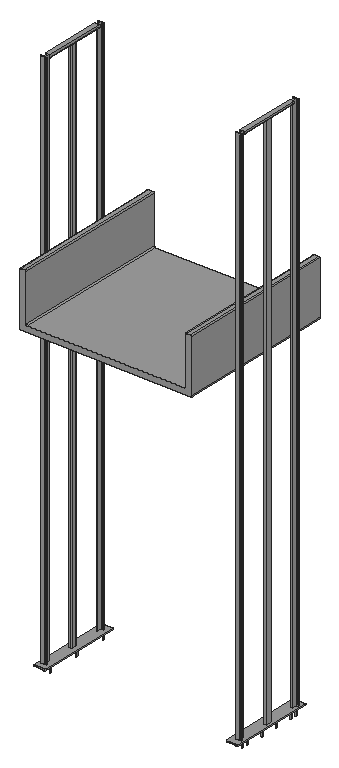
Revit family "1SE_Trez_TC_2C_2000_With_Pit", category Specialty Equipment, Revit 2019
Family settings
  Round Connector Dimension = Use Diameter
  Part Type = Normal
  Work Plane-Based = No
  Always vertical = Yes
  Cut with Voids When Loaded = Yes
  Shared = No
  Room Calculation Point = No
Parameters (values of type "Platform-2300x2300mm with Door Height 2500mm")
  Shaft = TREZ_Shaft_Space
  Safe Working Load = 2000.00 kg  # constant formula
  Safe Space = if(Cabin or Platform = Cabin, 900.0 mm, if(and(Cabin or Platform = Platform, Door Clear Height > 1900.0 mm), 600.0 mm, 0.0 mm))  # 600.0 mm
  Platform = Speciality_Equipment_Trez_Platform : Platform
  Door Clear Width = Clear Width  # 2300.0 mm
  Door Clear Height = 2500.0 mm
  Clear Width = 2300.0 mm
  URL = "https://trez.bg/en/products/goods-only-lift-tc/tc-2c-lift-2-cylinders/"
  Shaft Width = Real Width + 2 * Clearance  # 3040.0 mm
  Shaft Depth = Real Depth + 100.0 mm  # 2400.0 mm
  Tower Cladding Material = TREZ_Steel_Cladding
  Real Width = if(Clear Width < 1300.0 mm, 1300.0 mm, if(Clear Width > 2300.0 mm, 2300.0 mm, Clear Width))  # 2300.0 mm
  Real Depth = if(Clear Depth < 1300.0 mm, 1300.0 mm, if(Clear Depth > 22300.0 mm, 2300.0 mm, Clear Depth))  # 2300.0 mm
  Profiles Material = TREZ_Steel
  Platform Material = TREZ_Steel
  Pit Height = 250.0 mm  # constant formula
  Travel = 4500.0 mm
  Rail Height = Travel + Pit Height + Headroom  # 7850.0 mm
  Model = "TC 2C 2000"
  Manufacturer = "TREZ Ltd."
  Headroom = Door Clear Height + Safe Space  # 3100.0 mm
  Description = "Hydraulic goods only lift with two cylinders."  # constant formula
  Clear Depth = 2300.0 mm
  Created By URL = "https://all1studio.com/"
  Created By = "All 1 Studio Ltd."
  Clearance = 370.0 mm  # constant formula
  Cabin or Platform Back = no
  Cabin or Platform = Speciality_Equipment_Trez_Platform : Platform
  Cabin = Speciality_Equipment_Trez_Cabin : Cabin
Reference planes
  plane 1 "Center (Front/Back)": y = 0
  plane 2: z = 0
  plane 3 "Center (Left/Right)": x = 0
  plane 4: x = -1150
  plane 5: x = 1150
  plane 6: y = 1150
  plane 7: y = -1150
  plane 8: x = 1520
  plane 9: x = -1520
  plane 10: y = 1200
  plane 11: y = -1200
  plane 12: z = 4500
  plane 13 "Top of Lift": z = 7600
  plane 14 "Pit": z = -250
  plane 15: x = -1388.5
  plane 16: x = 1388.5
  plane 17: z = 7540
  plane 18: z = 40
  plane 19: z = -145
Forms (mm)
  Extrusion 1, void
    sketch origin (0, 0, 0) x (1, 0, 0) y (0, 1, 0)
      loop
        line (1520, 1200) -> (-1520, 1200) -> (-1520, -1200) -> (1520, -1200) -> (1520, 1200)
    from 0 to -250
Lines and regions (mm)
  symbolic lines, style "Platform"
    curve 1: line (-1150, 1150, 0) -> (1150, 1150, 0)
    curve 2: line (-1150, -1150, 0) -> (-1150, 1150, 0)
    curve 3: line (1150, -1150, 0) -> (-1150, -1150, 0)
    curve 4: line (1150, 1150, 0) -> (1150, -1150, 0)
    curve 5: line (-1150, 1150, 0) -> (1150, -1150, 0)
    curve 6: line (1150, 1150, 0) -> (-1150, -1150, 0)
  symbolic lines, style "Shaft Volume"
    curve 7: line (-1520, 1200, 0) -> (1520, 1200, 0)
    curve 8: line (-1520, -1200, 0) -> (-1520, 1200, 0)
    curve 9: line (1520, -1200, 0) -> (-1520, -1200, 0)
    curve 10: line (1520, 1200, 0) -> (1520, -1200, 0)
    curve 11: line (-1520, 0, 7600) -> (1520, 0, 7600)
    curve 12: line (-1520, 0, 0) -> (-1520, 0, 7600)
    curve 13: line (1520, 0, 0) -> (-1520, 0, 0)
    curve 14: line (1520, 0, 7600) -> (1520, 0, 0)
    curve 15: line (0, 1200, 7600) -> (0, -1200, 7600)
    curve 16: line (0, 1200, 0) -> (0, 1200, 7600)
    curve 17: line (0, -1200, 0) -> (0, 1200, 0)
    curve 18: line (0, -1200, 7600) -> (0, -1200, 0)
Dimensions and locks
  equal spacing: plane 4, plane 3 "Center (Left/Right)", plane 5
  "Real Width": plane 4 to plane 5
  equal spacing: plane 7, plane 1 "Center (Front/Back)", plane 6
  "Real Depth": plane 7 to plane 6
  "Travel": plane 12 to level
  "Pit Height": level to plane 14 "Pit"
  "Headroom": plane 13 "Top of Lift" to plane 12
  locked: plane 13 "Top of Lift" to plane 17 at 60
  locked: plane 18 to level at 40
  locked: level to plane 19 at 145
  locked: plane 7 to plane 11 at 50
  locked: plane 6 to plane 10 at 50
  "Clearance": plane 9 to plane 4
  "Clearance": plane 5 to plane 8
  locked: plane 9 to plane 15 at 131.5
  locked: plane 16 to plane 8 at 131.5
  aligned and locked: level to plane 2
  aligned and locked: Extrusion 1 to plane 14 "Pit"
  aligned and locked: plane 1 "Center (Front/Back)" to nested 1
  aligned and locked: plane 3 "Center (Left/Right)" to nested 1
  aligned and locked: plane 15 to nested 2
  aligned and locked: nested 3 to plane 16
  aligned and locked: nested 2 to plane 14 "Pit"
  aligned and locked: plane 14 "Pit" to nested 3
  aligned and locked: plane 1 "Center (Front/Back)" to nested 2
  aligned and locked: nested 3 to plane 1 "Center (Front/Back)"
  aligned and locked: plane 12 to nested 1
  aligned and locked: plane 10 to curve 7
  aligned and locked: plane 9 to curve 8
  aligned and locked: plane 11 to curve 9
  aligned and locked: plane 8 to curve 10
  aligned and locked: curve 11 to plane 13 "Top of Lift"
  aligned and locked: plane 9 to curve 12
  aligned and locked: level to curve 13
  aligned and locked: plane 8 to curve 14
  aligned and locked: plane 13 "Top of Lift" to curve 15
  aligned and locked: curve 16 to plane 10
  aligned and locked: curve 17 to level
  aligned and locked: curve 18 to plane 11
  aligned and locked: Extrusion 1 sketch curve to plane 9
  aligned and locked: Extrusion 1 sketch curve to plane 10
  aligned and locked: Extrusion 1 sketch curve to plane 8
  aligned and locked: Extrusion 1 sketch curve to plane 11
Automatic sketch dimensions
  curve 3 to plane 4 = 0.0 mm
  curve 4 to plane 5 = 0.0 mm
  curve 3 to plane 7 = 0.0 mm
  plane 6 to curve 2 = 0.0 mm
Nested families
  nested 1: "Speciality_Equipment_Trez_Platform" at (0, 0, 4500), type <- "Cabin or Platform", type "Platform"
    with Width 2300.0 mm, Depth 2300.0 mm, Back Board no
  nested 2: "Generic_Model_Trez_Rails" at (-1388.5, 0, -250), type "Rails"
    with Height 7850.0 mm
  nested 3: "Generic_Model_Trez_Rails" at (1388.5, 0, -250) x (-1, 0, 0) z (0, 0, 1), type "Rails"
    with Height 7850.0 mm
Definition of nested family "Speciality_Equipment_Trez_Platform"
  Parameters (values of type "Speciality_Equipment_Trez_Platform")
    Width = 3600.0 mm
    Platform Material = none
    Depth = 2900.0 mm
    Back Board = yes
  Reference planes
    plane 1 "Center (Front/Back)": y = 0
    plane 2 "Bottom": z = 0
    plane 3 "Center (Left/Right)": x = 0
    plane 4: x = 1800
    plane 5: x = -1800
    plane 6: y = 1450
    plane 7: y = -1450
    plane 8: x = -1889
    plane 9: x = 1889
    plane 10: y = 1485
    plane 11: z = -89
    plane 12: z = 709
  Forms (mm)
    Extrusion 1, solid, material <- "Platform Material", visible <- "Back Board"
      sketch origin (0, 0, 0) x (1, 0, 0) y (0, 1, 0)
        loop
          line (-1889, 1485) -> (-1889, 1450) -> (1889, 1450) -> (1889, 1485) -> (-1889, 1485)
      from 0 to 709
    Extrusion 2, solid, material <- "Platform Material", detail levels coarse+medium
      sketch origin (0, 0, 0) x (1, 0, 0) y (0, 0, 1)
        loop
          line (-1800, 709) -> (-1889, 709) -> (-1889, -89) -> (1889, -89) -> (1889, 709) -> (1800, 709) -> (1800, 0) -> (-1800, 0) -> (-1800, 709)
      from -1450 to 1450
    Extrusion 3, solid, material <- "Platform Material", detail levels fine
      sketch origin (0, 0, 0) x (1, 0, 0) y (0, 0, 1)
        loop
          arc (-1874, 709) -> (-1884.607, 704.607) -> (-1889, 694) r 15
          line (-1889, 694) -> (-1889, -74)
          arc (-1889, -74) -> (-1884.607, -84.607) -> (-1874, -89) r 15
          line (-1874, -89) -> (1874, -89)
          arc (1874, -89) -> (1884.607, -84.607) -> (1889, -74) r 15
          line (1889, -74) -> (1889, 694)
          arc (1889, 694) -> (1884.607, 704.607) -> (1874, 709) r 15
          line (1874, 709) -> (1815, 709)
          arc (1815, 709) -> (1804.393, 704.607) -> (1800, 694) r 15
          line (1800, 694) -> (1800, 15)
          arc (1800, 15) -> (1795.607, 4.393) -> (1785, 0) r 15
          line (1785, 0) -> (-1785, 0)
          arc (-1785, 0) -> (-1795.607, 4.393) -> (-1800, 15) r 15
          line (-1800, 15) -> (-1800, 694)
          arc (-1800, 694) -> (-1804.393, 704.607) -> (-1815, 709) r 15
          line (-1815, 709) -> (-1874, 709)
      from -1450 to 1450
  Dimensions and locks
    equal spacing: plane 5, plane 3 "Center (Left/Right)", plane 4
    "Width": plane 5 to plane 4
    equal spacing: plane 7, plane 1 "Center (Front/Back)", plane 6
    "Depth": plane 6 to plane 7
    locked: plane 8 to plane 5 at 89
    locked: plane 4 to plane 9 at 89
    locked: plane 10 to plane 6 at 35
    locked: plane 2 "Bottom" to plane 11 at 89
    locked: plane 12 to plane 2 "Bottom" at 709
    aligned and locked: level to plane 2 "Bottom"
    aligned and locked: Extrusion 1 sketch curve to plane 10
    aligned and locked: plane 8 to Extrusion 1 sketch curve
    aligned and locked: plane 5 to Extrusion 2 sketch curve
    aligned and locked: plane 8 to Extrusion 2 sketch curve
    aligned and locked: Extrusion 2 sketch curve to plane 9
    aligned and locked: Extrusion 2 sketch curve to plane 4
    aligned and locked: Extrusion 2 sketch curve to plane 2 "Bottom"
    aligned and locked: Extrusion 2 sketch curve to plane 11
    aligned and locked: Extrusion 2 sketch curve to plane 12
    aligned and locked: Extrusion 2 to plane 6
    aligned and locked: Extrusion 2 to plane 7
    aligned and locked: Extrusion 3 sketch curve to plane 12
    aligned and locked: plane 8 to Extrusion 3 sketch curve
    aligned and locked: plane 5 to Extrusion 3 sketch curve
    aligned and locked: Extrusion 3 sketch curve to plane 4
    aligned and locked: Extrusion 3 sketch curve to plane 9
    aligned and locked: Extrusion 3 sketch curve to plane 2 "Bottom"
    aligned and locked: Extrusion 3 sketch curve to plane 11
    aligned and locked: Extrusion 3 to plane 7
    aligned and locked: Extrusion 3 to plane 6
  Automatic sketch dimensions
    plane 12 to Extrusion 2 sketch curve = 0.0 mm
    Extrusion 1 sketch curve to plane 6 = 0.0 mm
    Extrusion 1 sketch curve to plane 9 = 0.0 mm
    Extrusion 3 sketch curve to plane 12 = 0.0 mm
    Extrusion 3 sketch curve to Extrusion 3 sketch curve = 15.0 mm  (x4)
    plane 5 to Extrusion 3 sketch curve = 15.0 mm
    Extrusion 3 sketch curve to plane 4 = 15.0 mm
    plane 4 to Extrusion 3 sketch curve = 15.0 mm
    Extrusion 3 sketch curve to plane 9 = 15.0 mm
Definition of nested family "Generic_Model_Trez_Rails"
  Parameters (values of type "SE_Trez_Rails")
    Profiles Material = none
    Height = 8720.0 mm
  Reference planes
    plane 1 "Center (Front/Back)": y = 0
    plane 2: z = 0
    plane 3 "Center (Left/Right)": x = 0
    plane 4: x = 87.2
    plane 5: x = -87.2
    plane 6: y = 607.5
    plane 7: y = -607.5
    plane 8: z = 8720
    plane 9: z = 15
    plane 10: z = 8685
    plane 11: z = -95
  Forms (mm)
    Extrusion 1, solid, material <- "Profiles Material", detail levels fine
      sketch origin (0, 0, 0) x (1, 0, 0) y (0, 1, 0)
        loop
          line (77.2, 607.5) -> (-77.2, 607.5)
          arc (-77.2, 607.5) -> (-84.271, 604.571) -> (-87.2, 597.5) r 10
          line (-87.2, 597.5) -> (-87.2, -597.5)
          arc (-87.2, -597.5) -> (-84.271, -604.571) -> (-77.2, -607.5) r 10
          line (-77.2, -607.5) -> (77.2, -607.5)
          arc (77.2, -607.5) -> (84.271, -604.571) -> (87.2, -597.5) r 10
          line (87.2, -597.5) -> (87.2, 597.5)
          arc (87.2, 597.5) -> (84.271, 604.571) -> (77.2, 607.5) r 10
      from 0 to 15
    Extrusion 2, solid, material <- "Profiles Material", detail levels fine
      sketch origin (0, 0, 0) x (1, 0, 0) y (0, 1, 0)
        loop
          line (-61.5, -517.5) -> (28.5, -517.5) -> (28.5, -509.5) -> (-3.5, -509.5)
          arc (-3.5, -509.5) -> (-7.036, -508.036) -> (-8.5, -504.5) r 5
          line (-8.5, -504.5) -> (-8.5, -442.5) -> (-24.5, -442.5) -> (-24.5, -504.5)
          arc (-24.5, -504.5) -> (-25.964, -508.036) -> (-29.5, -509.5) r 5
          line (-29.5, -509.5) -> (-61.5, -509.5) -> (-61.5, -517.5)
        loop
          line (-37.94, -40) -> (-1.94, -40)
          arc (-1.94, -40) -> (8.667, -35.607) -> (13.06, -25) r 15
          line (13.06, -25) -> (13.06, 25)
          arc (13.06, 25) -> (8.667, 35.607) -> (-1.94, 40) r 15
          line (-1.94, 40) -> (-37.94, 40) -> (-37.94, -40)
        loop
          line (-61.5, 517.5) -> (-61.5, 509.5) -> (-29.5, 509.5)
          arc (-29.5, 509.5) -> (-25.964, 508.036) -> (-24.5, 504.5) r 5
          line (-24.5, 504.5) -> (-24.5, 442.5) -> (-8.5, 442.5) -> (-8.5, 504.5)
          arc (-8.5, 504.5) -> (-7.036, 508.036) -> (-3.5, 509.5) r 5
          line (-3.5, 509.5) -> (28.5, 509.5) -> (28.5, 517.5) -> (-61.5, 517.5)
      from 15 to 8720
    Extrusion 3, solid, material <- "Profiles Material", detail levels fine
      sketch origin (0, 0, 0) x (1, 0, 0) y (0, 0, 1)
        loop
          line (-51.5, 8720) -> (-51.5, 8690)
          arc (-51.5, 8690) -> (-50.036, 8686.464) -> (-46.5, 8685) r 5
          line (-46.5, 8685) -> (13.5, 8685)
          arc (13.5, 8685) -> (17.036, 8686.464) -> (18.5, 8690) r 5
          line (18.5, 8690) -> (18.5, 8720) -> (-51.5, 8720)
      from -442.5 to 442.5
    Extrusion 4, solid, material <- "Profiles Material", detail levels coarse+medium
      sketch origin (0, 0, 0) x (1, 0, 0) y (0, 1, 0)
        loop
          line (87.2, 607.5) -> (-87.2, 607.5) -> (-87.2, -607.5) -> (87.2, -607.5) -> (87.2, 607.5)
      from 0 to 15
    Extrusion 5, solid, material <- "Profiles Material", detail levels coarse+medium
      sketch origin (0, 0, 0) x (1, 0, 0) y (0, 1, 0)
        loop
          line (-61.5, -517.5) -> (28.5, -517.5) -> (28.5, -442.5) -> (-61.5, -442.5) -> (-61.5, -517.5)
        loop
          line (-37.94, -40) -> (13.06, -40) -> (13.06, 40) -> (-37.94, 40) -> (-37.94, -40)
        loop
          line (-61.5, 517.5) -> (-61.5, 442.5) -> (28.5, 442.5) -> (28.5, 517.5) -> (-61.5, 517.5)
      from 15 to 8720
    Extrusion 6, solid, material <- "Profiles Material", detail levels coarse+medium
      sketch origin (0, 0, 0) x (1, 0, 0) y (0, 0, 1)
        loop
          line (-51.5, 8720) -> (-51.5, 8690)
          arc (-51.5, 8690) -> (-50.036, 8686.464) -> (-46.5, 8685) r 5
          line (-46.5, 8685) -> (13.5, 8685)
          arc (13.5, 8685) -> (17.036, 8686.464) -> (18.5, 8690) r 5
          line (18.5, 8690) -> (18.5, 8720) -> (-51.5, 8720)
      from -442.5 to 442.5
    Extrusion 7, solid, material <- "Profiles Material", detail levels fine
      sketch origin (0, 0, 0) x (1, 0, 0) y (0, 1, 0)
        loop
          circle (46.2, 480) r 7.5
        loop
          circle (-43.8, 480) r 7.5
        loop
          circle (-43.8, 390) r 7.5
        loop
          circle (46.2, -480) r 7.5
        loop
          circle (-43.8, -480) r 7.5
        loop
          circle (-43.8, -390) r 7.5
        loop
          circle (-43.8, -130) r 7.5
        loop
          circle (-43.8, 130) r 7.5
        loop
          circle (46.2, 0.052) r 7.5
      from -95 to 0
  Cuts and joins
    joined: Extrusion 2, Extrusion 3
    joined: Extrusion 5, Extrusion 6
  Lines and regions (mm)
    symbolic lines
      curve 1: line (28.5, 442.5, 0) -> (-61.5, 442.5, 0)
      curve 2: line (28.5, 517.5, 0) -> (28.5, 442.5, 0)
      curve 3: line (-61.5, 517.5, 0) -> (28.5, 517.5, 0)
      curve 4: line (-61.5, 442.5, 0) -> (-61.5, 517.5, 0)
      curve 5: line (13.06, 40, 0) -> (-37.94, 40, 0)
      curve 6: line (13.06, -40, 0) -> (13.06, 40, 0)
      curve 7: line (-37.94, -40, 0) -> (13.06, -40, 0)
      curve 8: line (-37.94, 40, 0) -> (-37.94, -40, 0)
      curve 9: line (28.5, -442.5, 0) -> (-61.5, -442.5, 0)
      curve 10: line (28.5, -517.5, 0) -> (28.5, -442.5, 0)
      curve 11: line (-61.5, -517.5, 0) -> (28.5, -517.5, 0)
      curve 12: line (-61.5, -442.5, 0) -> (-61.5, -517.5, 0)
      curve 13: line (87.2, -607.5, 0) -> (-87.2, -607.5, 0)
      curve 14: line (87.2, 607.5, 0) -> (87.2, -607.5, 0)
      curve 15: line (-87.2, 607.5, 0) -> (87.2, 607.5, 0)
      curve 16: line (-87.2, -607.5, 0) -> (-87.2, 607.5, 0)
  Dimensions and locks
    equal spacing: plane 5, plane 3 "Center (Left/Right)", plane 4
    plane 5 to plane 4 = 174.4 mm
    equal spacing: plane 6, plane 1 "Center (Front/Back)", plane 7
    plane 7 to plane 6 = 1215.0 mm
    "Height": plane 8 to plane 2
    locked: plane 9 to plane 2 at 15
    locked: plane 8 to Extrusion 3 sketch curve at 35
    locked: plane 8 to plane 10 at 35
    locked: plane 2 to plane 11 at 95
    aligned and locked: level to plane 2
    aligned and locked: Extrusion 1 sketch curve to plane 6
    aligned and locked: plane 4 to Extrusion 1 sketch curve
    aligned and locked: Extrusion 1 sketch curve to plane 7
    aligned and locked: plane 5 to Extrusion 1 sketch curve
    aligned and locked: plane 8 to Extrusion 2
    aligned and locked: Extrusion 1 to plane 9
    aligned and locked: plane 9 to Extrusion 2
    aligned and locked: Extrusion 4 sketch curve to plane 6
    aligned and locked: plane 4 to Extrusion 4 sketch curve
    aligned and locked: Extrusion 4 sketch curve to plane 7
    aligned and locked: plane 5 to Extrusion 4 sketch curve
    aligned and locked: Extrusion 4 to plane 9
    aligned and locked: Extrusion 4 to plane 2
    aligned and locked: plane 8 to Extrusion 5
    aligned and locked: plane 8 to Extrusion 3 sketch curve
    aligned and locked: Extrusion 3 to Extrusion 5  (x2)
    aligned and locked: Extrusion 7 to plane 11
    aligned and locked: plane 2 to Extrusion 7
  Automatic sketch dimensions
    Extrusion 2 sketch curve to plane 5 = 25.7 mm  (x2)
    Extrusion 2 sketch curve to plane 3 "Center (Left/Right)" = 29.5 mm  (x2)
    Extrusion 2 sketch curve to Extrusion 2 sketch curve = 5.0 mm
    Extrusion 2 sketch curve to plane 3 "Center (Left/Right)" = 24.5 mm
    Extrusion 2 sketch curve to plane 3 "Center (Left/Right)" = 8.5 mm  (x2)
    Extrusion 2 sketch curve to plane 3 "Center (Left/Right)" = 3.5 mm  (x2)
    Extrusion 2 sketch curve to plane 3 "Center (Left/Right)" = 1.94 mm  (x2)
    Extrusion 2 sketch curve to Extrusion 2 sketch curve = 15.0 mm
    plane 3 "Center (Left/Right)" to Extrusion 2 sketch curve = 28.5 mm  (x2)
    plane 7 to Extrusion 2 sketch curve = 90.0 mm
    Extrusion 2 sketch curve to Extrusion 2 sketch curve = 8.0 mm  (x3)
    Extrusion 2 sketch curve to Extrusion 2 sketch curve = 62.0 mm  (x2)
    Extrusion 2 sketch curve to plane 1 "Center (Front/Back)" = 25.0 mm
    plane 6 to Extrusion 2 sketch curve = 165.0 mm
    Extrusion 2 sketch curve to Extrusion 2 sketch curve = 0.0 mm
    Extrusion 2 sketch curve to plane 3 "Center (Left/Right)" = 37.94 mm
    plane 1 "Center (Front/Back)" to Extrusion 2 sketch curve = 40.0 mm
    Extrusion 3 sketch curve to Extrusion 3 sketch curve = 5.0 mm  (x2)
    plane 3 "Center (Left/Right)" to Extrusion 3 sketch curve = 13.5 mm
    Extrusion 3 sketch curve to plane 5 = 40.7 mm
    Extrusion 1 sketch curve to plane 5 = 10.0 mm
    Extrusion 1 sketch curve to Extrusion 1 sketch curve = 10.0 mm
    Extrusion 1 sketch curve to plane 4 = 10.0 mm  (x2)
    Extrusion 5 sketch curve to plane 5 = 25.7 mm  (x2)
    Extrusion 5 sketch curve to plane 3 "Center (Left/Right)" = 37.94 mm
    plane 3 "Center (Left/Right)" to Extrusion 5 sketch curve = 28.5 mm  (x2)
    plane 3 "Center (Left/Right)" to Extrusion 5 sketch curve = 13.06 mm
    plane 7 to Extrusion 5 sketch curve = 90.0 mm
    plane 1 "Center (Front/Back)" to Extrusion 5 sketch curve = 40.0 mm
    plane 6 to Extrusion 5 sketch curve = 165.0 mm
    Extrusion 5 sketch curve to Extrusion 5 sketch curve = 75.0 mm  (x2)
    Extrusion 5 sketch curve to plane 1 "Center (Front/Back)" = 40.0 mm
    Extrusion 6 sketch curve to plane 8 = 0.0 mm
    Extrusion 6 sketch curve to plane 10 = 0.0 mm
    plane 10 to Extrusion 6 sketch curve = 5.0 mm  (x2)
    Extrusion 6 sketch curve to plane 5 = 35.7 mm
    plane 3 "Center (Left/Right)" to Extrusion 6 sketch curve = 13.5 mm
    curve 16 to plane 5 = 0.0 mm
    curve 15 to plane 4 = 0.0 mm
    curve 13 to plane 7 = 0.0 mm
    plane 6 to curve 15 = 0.0 mm
    curve 3 to plane 5 = 25.7 mm
    curve 12 to plane 5 = 25.7 mm
    curve 5 to plane 3 "Center (Left/Right)" = 37.94 mm
    plane 3 "Center (Left/Right)" to curve 5 = 13.06 mm
    plane 3 "Center (Left/Right)" to curve 11 = 28.5 mm
    plane 3 "Center (Left/Right)" to curve 2 = 28.5 mm
    plane 7 to curve 11 = 90.0 mm
    curve 10 to curve 10 = 75.0 mm
    plane 1 "Center (Front/Back)" to curve 7 = 40.0 mm
    curve 5 to plane 1 "Center (Front/Back)" = 40.0 mm
    plane 6 to curve 2 = 165.0 mm
    curve 1 to curve 3 = 75.0 mm
    Extrusion 7 sketch curve to plane 5 = 43.4 mm  (x6)
    Extrusion 7 sketch curve to plane 4 = 41.0 mm  (x3)
    plane 7 to Extrusion 7 sketch curve = 127.5 mm
    Extrusion 7 sketch curve to Extrusion 7 sketch curve = 0.0 mm  (x2)
    Extrusion 7 sketch curve to Extrusion 7 sketch curve = 90.0 mm  (x2)
    plane 6 to Extrusion 7 sketch curve = 217.5 mm
    Extrusion 7 sketch curve to plane 1 "Center (Front/Back)" = 0.052 mm
    plane 1 "Center (Front/Back)" to Extrusion 7 sketch curve = 130.0 mm
    Extrusion 7 sketch curve to plane 1 "Center (Front/Back)" = 130.0 mm
    radius of Extrusion 7 sketch curve = 7.5 mm  (x9)
